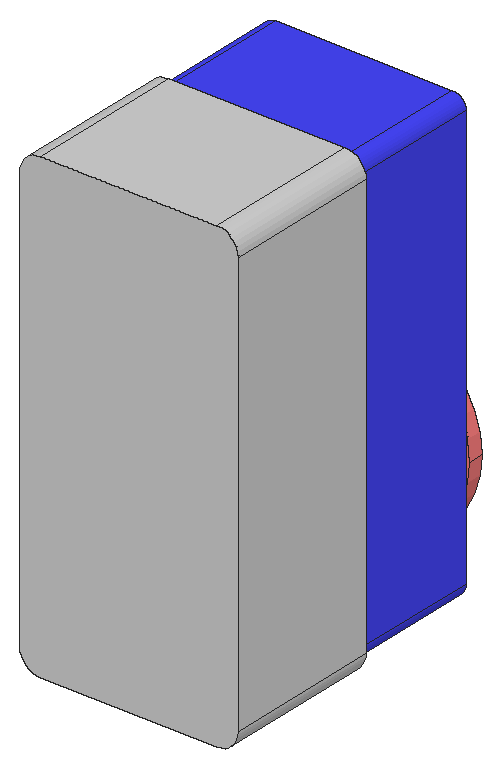
Revit family "Building-IEC309Connections-GEWISS-67IB-INTERLOCKED-SOCKET-OUTLETS_IP67_WITH_BOTTOM_FUS", category Apparecchi elettrici, host Muro, Revit 2016
Family settings
  Host = Muro
  Mantenere orientamento annotazione = Sì
  Tipo di parte = Normale
  Quota connettore circolare = Usa diametro
  Numero OmniClass = 23.80.50.14
  Titolo OmniClass = Plug Connectors
  Sempre verticale = Sì
  Taglio con vuoti quando caricato = No
  Condiviso = No
  Punto di calcolo locali = No
Parameters (values of type "GW66258N - 32A 3P+E 380V V.INT.SOCK.O.W.B.3H CBF")
  Working temperature = "-25 ÷ +40 °C"
  With back-mounting box = "Yes"
  Weight (kg) = "Max. 1.1 Kg"
  Weight = "Max. 1.1 Kg"
  Vista di pianta [instance] = yes
  Vetro = GEWISS - vetro
  Version file RFA = "18.0"
  URL = "https://www.gewiss.com/ww/en"
  Typology = "Vertical"
  Type of fuse = "Ø 10.3x38 mm"
  Tipo Simbolo = PRESAINDPFUS : 3P
  Thermo-pressure with ball = "125 °C (IB socket) - 80 °C (bottom)"
  Technical sheet = "https://www.gewiss.com/ww/en/search?q=GW66258N"
  Struttura frontale = GEWISS -BLU
  Struttura = GEWISS - Grigio RAL - 7035
  Simbolo [instance] = yes
  Shock resistance = "IK08"
  SEO = "Socket outlet"
  Reference h = "3"
  Realized by GEWISS S.p.A. = ""
  Rated voltage: = "380 - 440 V"
  Rated voltage = "380 - 440 V"
  Rated short-circuit current (Icc) = "10KA"
  Rated insulation voltage (Ui) = "500V"
  Rated impulse withstand voltage = "4KV"
  Rated frequency (Hz) = "50/60 Hz"
  Rated current (In) = "32"
  Rated current (A) = "32"
  Protection = "Fuse-holder base (CBF)"
  Produttore = "GEWISS S.p.A."
  Presa = GW - ROSSO
  Potenza = 400 V
  Operating temperature: = "-25 +40 °C"
  Numero poli = 3
  Number of poles = "3P+E"
  No. of poles = "3P+E"
  Modello = "GW66258N"
  Immagine tipo = GW66230N.jpg
  IP degree = "IP67"
  IFC.TypeObject = ""
  IFC.ExportType = ""
  IFC.ExportAs = ""
  IDT = "3a2f285e-e7b7-489c-a67e-4c14f132aefb"
  IDF = "f9d0bb66-5de6-40f3-bd54-3f6ca6852506"
  IB socket outlet rated current (In) = "28A"
  Glow wire test: = "850 °C (IB socket) - 650 °C (bottom)"
  Glow Wire Test = "850 °C (IB socket) - 650 °C (bottom)"
  Fuse breacking capacity = "> 50 kA"
  Frequency = "50/60 Hz"
  Electrocod = "2222"
  EAN code = "8011564741539"
  Distanza orizzontale del simbolo [instance] = 0 mm
  Distanza dal muro [instance] = 20 mm
  Descrizione = "32A 3P+E 380V V.INT.SOCK.O.W.B.3H CBF"
  Cornice simbolo [instance] = yes
  Colour: = "Red"
  Colour = "Red"
  Classificazione carico = Altro
  Catalogue Range = "67 IB"
  Catalogue = "BUILDING"
  Carico apparente = 0 VA
  COBie.Tagnumber = ""
  COBie.CreatedOn = ""
  COBie.CreatebBy = ""
  COBie.ComponentRegisterItemID = ""
  COBie.Component.TagNumber = ""
  COBie.Component.Space = ""
  COBie.Component.SerialNumber = ""
  COBie.Component.InstallationDate = ""
  COBie.Component.Description = ""
  COBie.Component.BarCode = ""
  Altezza da terra = 1111.728 mm
Reference planes
  plane 1 "Muro": y = 0
  plane 2 "Centro (Sinistra/Destra)": x = 125
  plane 3 "Indietro": y = 75
  plane 4: z = 1111.728
  plane 5: x = 125
  plane 6: y = 214.282
Lines and regions (mm)
  Masking region 1, visible <- "Vista di pianta"
    outline origin (0, 0, 0) x (1, 0, 0) y (0, 1, 0)
      loop
        line (73.5, 75) -> (176.5, 75) -> (176.5, 150) -> (73.5, 150) -> (73.5, 75)
      loop
        line (87.497, 213.282) -> (162.503, 213.282) -> (162.503, 217.112) -> (87.497, 217.112) -> (87.497, 213.282)
  Masking region 2, visible <- "Vista di pianta"
    outline origin (0, 86.291, 0) x (1, 0, 0) y (0, 1, 0)
      loop
        line (78.101, 137.709) -> (78.101, 130.821) -> (171.899, 130.821) -> (171.899, 137.709) -> (78.101, 137.709)
      loop
        line (77.116, 126.991) -> (77.116, 63.709) -> (172.884, 63.709) -> (172.884, 126.991) -> (77.116, 126.991)
  Masking region 3
    outline origin (125, 0, 0) x (0, 1, 0) y (0, 0, 1)
      loop
        line (75, 1331.728) -> (75, 1111.728) -> (160.511, 1111.728) -> (160.511, 1331.728) -> (75, 1331.728)
      loop
        line (224, 1308.059) -> (213.282, 1308.059) -> (213.282, 1246.398) -> (224, 1246.398) -> (224, 1308.059)
      loop
        line (224, 1218.2) -> (213.282, 1218.2) -> (213.282, 1123.835) -> (224, 1123.835) -> (224, 1218.2)
  Masking region 4
    outline origin (125, 0, 0) x (0, 1, 0) y (0, 0, 1)
      loop
        line (213.282, 1328.112) -> (160.511, 1328.112) -> (160.511, 1115.344) -> (213.282, 1115.344) -> (213.282, 1328.112)
Text (mm)
  text "Lato posizionamento" at (-1848.837, 1116.779, 0), in view "Livello rif."
  text "Lato posizionamento" at (0, 1409.804, 2854.306), in view "Sinistra"
  text "Lato posizionamento" at (0, 499.811, 2980.732), in view "Destra"
Dimensions and locks
  locked: plane 3 "Indietro" to host wall
  "Altezza da terra": level to plane 4
  "Distanza orizzontale del simbolo": plane 5 to plane 2 "Centro (Sinistra/Destra)"
  locked: plane 6 to nested 1 at 1
  aligned and locked: plane 1 "Muro" to host wall
  aligned and locked: plane 4 to nested 1
  aligned and locked: plane 5 to nested 2
  aligned and locked: nested 1 to plane 3 "Indietro"
  aligned and locked: plane 3 "Indietro" to nested 1
  aligned and locked: Masking region 3 to nested 1  (x4)
  aligned and locked: nested 1 to Masking region 4
  aligned and locked: plane 2 "Centro (Sinistra/Destra)" to nested 3
  aligned and locked: plane 4 to nested 3
  aligned and locked: Masking region 1 to nested 1
Automatic sketch dimensions
  Masking region 1 sketch curve to host wall = 0 mm
  Masking region 1 sketch curve to plane 2 "Centro (Sinistra/Destra)" = 51.5 mm
  Masking region 1 sketch curve to Masking region 1 sketch curve = 13.997 mm
  plane 2 "Centro (Sinistra/Destra)" to Masking region 1 sketch curve = 37.503 mm
  plane 2 "Centro (Sinistra/Destra)" to Masking region 1 sketch curve = 51.5 mm
  Masking region 1 sketch curve to Masking region 1 sketch curve = 75 mm
  Masking region 1 sketch curve to Masking region 1 sketch curve = 67.112 mm
  Masking region 1 sketch curve to Masking region 1 sketch curve = 3.83 mm
  Masking region 2 sketch curve to plane 2 "Centro (Sinistra/Destra)" = 47.884 mm
  Masking region 2 sketch curve to Masking region 2 sketch curve = 0.986 mm  (x2)
  plane 2 "Centro (Sinistra/Destra)" to Masking region 2 sketch curve = 46.899 mm
  host wall to Masking region 2 sketch curve = 75 mm
  Masking region 2 sketch curve to Masking region 2 sketch curve = 63.282 mm
  Masking region 2 sketch curve to Masking region 2 sketch curve = 3.83 mm
  Masking region 2 sketch curve to Masking region 2 sketch curve = 6.888 mm
  Masking region 3 sketch curve to host wall = 0 mm
  Masking region 3 sketch curve to plane 4 = 0 mm
  host wall to Masking region 3 sketch curve = 85.511 mm
  host wall to Masking region 3 sketch curve = 138.282 mm
  Masking region 3 sketch curve to Masking region 3 sketch curve = 52.771 mm
  Masking region 3 sketch curve to Masking region 3 sketch curve = 10.718 mm  (x2)
  plane 4 to Masking region 3 sketch curve = 12.107 mm
  Masking region 3 sketch curve to Masking region 3 sketch curve = 94.364 mm
  Masking region 3 sketch curve to Masking region 3 sketch curve = 28.198 mm
  Masking region 3 sketch curve to Masking region 3 sketch curve = 61.662 mm
  Masking region 3 sketch curve to Masking region 3 sketch curve = 23.669 mm
  host wall to Masking region 4 sketch curve = 85.511 mm
  plane 4 to Masking region 4 sketch curve = 3.616 mm
  Masking region 4 sketch curve to Masking region 4 sketch curve = 52.771 mm
  Masking region 4 sketch curve to Masking region 4 sketch curve = 212.768 mm
Nested families
  nested 1: "IB PRESE INTERBLOC VERT" at (125, 75, 524.845) x (-1, 0, 0) z (0, 0, 1), type "IB PRESE INTERBLOC VERT"
  nested 2: "PRESAINDPFUS" at (125, -124.999, 0), Distanza dal muro <- "Distanza dal muro", BORDO ACCESO <- "Cornice simbolo", SIMBOLO ACCESO <- "Simbolo", type <- "Tipo Simbolo", type "3P"
    with SIMBOLO ACCESO yes, Distanza dal muro 20 mm, BORDO ACCESO yes
  nested 3: "2D - IB PRESE INTERBLOC VERT + MAGNTERM IP67" at (125, 0, 1111.728) x (-1, 0, 0) z (0, -1, 0), type "BIDIMENSIONALE"
Connectors
  electrical at (125, 112.5, 1111.728), driven by "Numero poli", driven by "Classificazione carico", driven by "Potenza", driven by "Carico apparente"
    settings: on nested 1, index 1, voltage 400 V, apparent load 0 VA, apparent load phase1 0 VA, apparent load phase2 0 VA, apparent load phase3 0 VA, power factor 1, load classification "Altro", number of poles 3, system type 31, power factor state 1, is connector primary yes, connector utility no, sub classification motor no, connector description ""
Definition of nested family "IB PRESE INTERBLOC VERT"
  Parameters (values of type "IB PRESE INTERBLOC VERT")
    Vetro = none
    Struttura frontale = none
    Struttura = none
    Spessore = 30 mm
    Default Elevation = 14 mm
    Presa = none
    Lunghezza = 103 mm
    IFC.TypeObject = ""
    IFC.ExportType = ""
    IFC.ExportAs = ""
    H_da terra = 586.883 mm
    COBie.CreatedOn = ""
    COBie.CreatebBy = ""
    COBie.ComponentRegisterItemID = ""
    COBie.Component.TagNumber = ""
    COBie.Component.Space = ""
    COBie.Component.SerialNumber = ""
    COBie.Component.InstallationDate = ""
    COBie.Component.Description = ""
    COBie.Component.BarCode = ""
    Altezza = 220 mm
  Reference planes
    plane 1 "Centro (Fronte/Retro)": y = 0
    plane 2: z = 0
    plane 3 "Centro (Sinistra/Destra)": x = 0
    plane 4: y = -75
    plane 5: x = -51.5
    plane 6: x = 51.5
    plane 7: z = 586.883
    plane 8: z = 806.883
    plane 9: x = -47.884
    plane 10: x = 47.884
    plane 11: z = 803.267
    plane 12: z = 590.499
    plane 13: y = -138.282
    plane 14: y = -149
    plane 15: y = -142.112
    plane 16: y = -139.282
  Forms (mm)
    Extrusion 1, solid, material <- "Struttura"
      sketch origin (0, 0, 0) x (1, 0, 0) y (0, 0, 1)
        loop
          arc (-51.5, 596.883) -> (-48.571, 589.812) -> (-41.5, 586.883) r 10
          line (-41.5, 586.883) -> (41.5, 586.883)
          arc (41.5, 586.883) -> (48.571, 589.812) -> (51.5, 596.883) r 10
          line (51.5, 596.883) -> (51.5, 796.883)
          arc (51.5, 796.883) -> (48.571, 803.954) -> (41.5, 806.883) r 10
          line (41.5, 806.883) -> (-41.5, 806.883)
          arc (-41.5, 806.883) -> (-48.571, 803.954) -> (-51.5, 796.883) r 10
          line (-51.5, 796.883) -> (-51.5, 596.883)
      from 0 to 75
    Extrusion 2, solid, material <- "Struttura"
      sketch origin (0, 0, 0) x (1, 0, 0) y (0, 0, 1)
        loop
          line (-0.408, 691.748) -> (-29.506, 691.748)
          spline (-29.506, 691.748) -> (-30.55, 691.681) -> (-31.576, 691.48) -> (-32.567, 691.148) -> (-33.505, 690.693) -> (-34.375, 690.12) -> (-35.161, 689.441) -> (-35.851, 688.666) -> (-36.432, 687.809) -> (-36.895, 686.885) -> (-37.231, 685.909) -> (-37.435, 684.898) -> (-37.503, 683.87)
          line (-37.503, 683.87) -> (-37.503, 615.12)
          spline (-37.503, 615.12) -> (-37.435, 614.091) -> (-37.231, 613.081) -> (-36.895, 612.105) -> (-36.432, 611.18) -> (-35.851, 610.324) -> (-35.161, 609.549) -> (-34.375, 608.869) -> (-33.505, 608.297) -> (-32.567, 607.841) -> (-31.576, 607.51) -> (-30.55, 607.309) -> (-29.506, 607.241)
          line (-29.506, 607.241) -> (0, 607.241) -> (29.506, 607.241)
          spline (29.506, 607.241) -> (30.55, 607.309) -> (31.576, 607.51) -> (32.567, 607.841) -> (33.505, 608.297) -> (34.375, 608.869) -> (35.161, 609.549) -> (35.851, 610.324) -> (36.432, 611.18) -> (36.895, 612.105) -> (37.231, 613.081) -> (37.435, 614.091) -> (37.503, 615.12)
          line (37.503, 615.12) -> (37.503, 683.87)
          spline (37.503, 683.87) -> (37.435, 684.898) -> (37.231, 685.909) -> (36.895, 686.885) -> (36.432, 687.809) -> (35.851, 688.666) -> (35.161, 689.441) -> (34.375, 690.12) -> (33.505, 690.693) -> (32.567, 691.148) -> (31.576, 691.48) -> (30.55, 691.681) -> (29.506, 691.748)
          line (29.506, 691.748) -> (-0.408, 691.748)
      from 138.282 to 142.112
    Extrusion 3, solid, material <- "Presa"
      sketch origin (0, 0, 0) x (1, 0, 0) y (0, 0, 1)
        loop
          circle (0, 646.456) r 46.899
      from 142.112 to 149
    Extrusion 4, solid, material <- "Struttura"
      sketch origin (0, 0, 0) x (1, 0, 0) y (0, 0, 1)
        loop
          circle (0, 752.384) r 30.831
        loop
          circle (0, 752.384) r 26.483
      from 138.282 to 149
    Extrusion 5, solid, material <- "Struttura"
      sketch origin (0, 0, 0) x (1, 0, 0) y (0, 0, 1)
        loop
          arc (-9.552, 750.899) -> (-7.429, 739.645) -> (-7.314, 728.193) r 64.983
          arc (-7.314, 728.193) -> (-0.131, 727.067) -> (7.064, 728.115) r 24.316
          arc (7.064, 728.115) -> (7.302, 739.566) -> (9.547, 750.796) r 64.983
          arc (9.547, 750.796) -> (5.519, 762.425) -> (4.215, 774.661) r 54.251
          line (4.215, 774.661) -> (4.25, 777.658)
          arc (4.25, 777.658) -> (3.985, 778.329) -> (3.336, 778.647) r 1
          arc (3.336, 778.647) -> (0.147, 778.794) -> (-3.043, 778.682) r 39.364
          arc (-3.043, 778.682) -> (-3.695, 778.371) -> (-3.967, 777.702) r 1
          line (-3.967, 777.702) -> (-3.964, 774.706)
          arc (-3.964, 774.706) -> (-5.4, 762.483) -> (-9.552, 750.899) r 54.251
      from 138.282 to 149
    Extrusion 6, solid, material <- "Struttura frontale"
      sketch origin (0, 0, 0) x (1, 0, 0) y (0, 0, 1)
        loop
          arc (47.884, 796.962) -> (46.037, 801.42) -> (41.578, 803.267) r 6.306
          line (41.578, 803.267) -> (-41.578, 803.267)
          arc (-41.578, 803.267) -> (-46.037, 801.42) -> (-47.884, 796.962) r 6.306
          line (-47.884, 796.962) -> (-47.884, 597.014)
          arc (-47.884, 597.014) -> (-45.976, 592.407) -> (-41.369, 590.499) r 6.515
          line (-41.369, 590.499) -> (41.369, 590.499)
          arc (41.369, 590.499) -> (45.976, 592.407) -> (47.884, 597.014) r 6.515
          line (47.884, 597.014) -> (47.884, 796.962)
      from 75 to 138.282
    Extrusion 7, solid, material <- "Struttura frontale"
      sketch origin (-136.5, 0, 0) x (1, 0, 0) y (0, 0, 1)
        loop
          line (96.678, 714.247) -> (96.834, 703.741)
          spline (96.834, 703.741) -> (96.86, 703.42) -> (96.928, 703.104) -> (97.038, 702.799) -> (97.186, 702.511) -> (97.372, 702.243) -> (97.59, 702.001) -> (97.839, 701.789) -> (98.113, 701.611) -> (98.408, 701.468) -> (98.719, 701.365) -> (99.04, 701.302) -> (99.367, 701.281)
          line (99.367, 701.281) -> (113.634, 701.281)
          spline (113.634, 701.281) -> (113.96, 701.302) -> (114.282, 701.365) -> (114.592, 701.468) -> (114.888, 701.611) -> (115.162, 701.789) -> (115.41, 702.001) -> (115.629, 702.243) -> (115.814, 702.511) -> (115.963, 702.799) -> (116.072, 703.104) -> (116.141, 703.42) -> (116.167, 703.741)
          line (116.167, 703.741) -> (116.323, 714.247) -> (96.678, 714.247)
        loop
          line (156.678, 714.247) -> (156.834, 703.741)
          spline (156.834, 703.741) -> (156.86, 703.42) -> (156.928, 703.104) -> (157.038, 702.799) -> (157.186, 702.511) -> (157.372, 702.243) -> (157.59, 702.001) -> (157.839, 701.789) -> (158.113, 701.611) -> (158.408, 701.468) -> (158.719, 701.365) -> (159.04, 701.302) -> (159.367, 701.281)
          line (159.367, 701.281) -> (173.634, 701.281)
          spline (173.634, 701.281) -> (173.96, 701.302) -> (174.282, 701.365) -> (174.593, 701.468) -> (174.888, 701.611) -> (175.162, 701.789) -> (175.41, 702.001) -> (175.629, 702.243) -> (175.814, 702.511) -> (175.963, 702.799) -> (176.072, 703.104) -> (176.141, 703.42) -> (176.167, 703.741)
          line (176.167, 703.741) -> (176.323, 714.247) -> (156.678, 714.247)
      from 138.282 to 139.282
  Dimensions and locks
    "H_da terra": plane 7 to level
    "Altezza": plane 8 to plane 7
    equal spacing: plane 5, plane 3 "Centro (Sinistra/Destra)", plane 6
    "Lunghezza": plane 5 to plane 6
    locked: plane 8 to plane 11 at 3.616
    locked: plane 12 to plane 7 at 3.616
    locked: plane 5 to plane 9 at 3.616
    locked: plane 6 to plane 10 at 3.616
    locked: plane 4 to plane 14 at 74
    plane 14 to plane 1 "Centro (Fronte/Retro)" = 149 mm
    locked: plane 15 to plane 14 at 6.888
    locked: plane 13 to plane 14 at 10.718
    plane 4 to plane 1 "Centro (Fronte/Retro)" = 75 mm
    plane 5 to plane 6 = 103 mm
    locked: plane 16 to plane 13 at 1
    aligned and locked: level to plane 2
    aligned and locked: Extrusion 1 sketch curve to plane 5
    aligned and locked: Extrusion 1 sketch curve to plane 7
    aligned and locked: Extrusion 1 sketch curve to plane 6
    aligned and locked: Extrusion 1 sketch curve to plane 8
    aligned and locked: Extrusion 1 to plane 4
    aligned and locked: Extrusion 6 sketch curve to plane 10
    aligned and locked: Extrusion 6 sketch curve to plane 9
    aligned and locked: Extrusion 6 sketch curve to plane 12
    aligned and locked: Extrusion 6 sketch curve to plane 11
    aligned and locked: plane 4 to Extrusion 6
    aligned and locked: Extrusion 4 to Extrusion 6
    aligned and locked: Extrusion 4 to Extrusion 5  (x2)
    aligned and locked: Extrusion 4 to Extrusion 3
    aligned and locked: Extrusion 3 to Extrusion 2
    aligned and locked: plane 14 to Extrusion 4
    aligned and locked: plane 13 to Extrusion 6
    aligned and locked: plane 15 to Extrusion 3
    aligned and locked: Extrusion 4 to Extrusion 2
    aligned and locked: Extrusion 7 to Extrusion 2
    aligned and locked: plane 16 to Extrusion 7
  Automatic sketch dimensions
    Extrusion 1 sketch curve to plane 9 = 6.384 mm  (x2)
    Extrusion 1 sketch curve to plane 10 = 6.384 mm  (x2)
    Extrusion 2 sketch curve to plane 9 = 10.381 mm
    Extrusion 2 sketch curve to Extrusion 2 sketch curve = 7.997 mm  (x3)
    Extrusion 2 sketch curve to plane 10 = 18.378 mm  (x2)
    Extrusion 2 sketch curve to plane 12 = 16.742 mm
    Extrusion 2 sketch curve to Extrusion 2 sketch curve = 7.878 mm  (x3)
    Extrusion 2 sketch curve to Extrusion 2 sketch curve = 68.75 mm
    Extrusion 2 sketch curve to Extrusion 2 sketch curve = 0 mm
    Extrusion 2 sketch curve to Extrusion 2 sketch curve = 21.102 mm
    Extrusion 2 sketch curve to Extrusion 2 sketch curve = 21.51 mm
    Extrusion 3 sketch curve to plane 3 "Centro (Sinistra/Destra)" = 0 mm
    Extrusion 3 sketch curve to plane 12 = 55.957 mm
    Extrusion 4 sketch curve to Extrusion 4 sketch curve = 0 mm  (x2)
    Extrusion 4 sketch curve to plane 3 "Centro (Sinistra/Destra)" = 0 mm
    Extrusion 4 sketch curve to plane 11 = 50.884 mm
    plane 5 to Extrusion 5 sketch curve = 6.715 mm
    Extrusion 5 sketch curve to plane 3 "Centro (Sinistra/Destra)" = 3.967 mm
    Extrusion 5 sketch curve to Extrusion 5 sketch curve = 0.003 mm
    Extrusion 5 sketch curve to Extrusion 5 sketch curve = 1 mm  (x2)
    Extrusion 5 sketch curve to plane 3 "Centro (Sinistra/Destra)" = 0.064 mm
    plane 3 "Centro (Sinistra/Destra)" to Extrusion 5 sketch curve = 3.25 mm
    Extrusion 5 sketch curve to Extrusion 5 sketch curve = 0.965 mm
    plane 6 to Extrusion 5 sketch curve = 6.965 mm
    Extrusion 5 sketch curve to plane 11 = 29.014 mm
    Extrusion 5 sketch curve to plane 11 = 28.606 mm
    Extrusion 5 sketch curve to plane 11 = 28.387 mm
    Extrusion 5 sketch curve to Extrusion 5 sketch curve = 0.044 mm
    Extrusion 5 sketch curve to Extrusion 5 sketch curve = 2.99 mm
    Extrusion 5 sketch curve to Extrusion 5 sketch curve = 0.007 mm
    Extrusion 5 sketch curve to Extrusion 5 sketch curve = 2.979 mm
    Extrusion 5 sketch curve to Extrusion 5 sketch curve = 0.018 mm
    Extrusion 5 sketch curve to plane 3 "Centro (Sinistra/Destra)" = 9.552 mm
    Extrusion 5 sketch curve to Extrusion 5 sketch curve = 0.076 mm
    plane 3 "Centro (Sinistra/Destra)" to Extrusion 5 sketch curve = 9.547 mm
    Extrusion 5 sketch curve to plane 3 "Centro (Sinistra/Destra)" = 0 mm
    plane 5 to Extrusion 5 sketch curve = 20.598 mm
    plane 6 to Extrusion 5 sketch curve = 20.4 mm
    Extrusion 5 sketch curve to Extrusion 5 sketch curve = 0.587 mm
    Extrusion 5 sketch curve to plane 3 "Centro (Sinistra/Destra)" = 7.314 mm
    plane 3 "Centro (Sinistra/Destra)" to Extrusion 5 sketch curve = 7.064 mm
    Extrusion 5 sketch curve to Extrusion 5 sketch curve = 11.238 mm
    Extrusion 5 sketch curve to Extrusion 5 sketch curve = 11.315 mm
    Extrusion 6 sketch curve to plane 9 = 6.306 mm
    Extrusion 6 sketch curve to plane 9 = 6.515 mm
    Extrusion 6 sketch curve to Extrusion 6 sketch curve = 6.515 mm
    Extrusion 6 sketch curve to Extrusion 6 sketch curve = 6.306 mm
    Extrusion 7 sketch curve to plane 6 = 31.322 mm
    Extrusion 7 sketch curve to plane 11 = 89.02 mm
    Extrusion 7 sketch curve to Extrusion 7 sketch curve = 40.355 mm
    Extrusion 7 sketch curve to Extrusion 7 sketch curve = 19.645 mm  (x2)
    Extrusion 7 sketch curve to Extrusion 7 sketch curve = 0.156 mm  (x2)
    Extrusion 7 sketch curve to Extrusion 7 sketch curve = 10.506 mm  (x2)
    Extrusion 7 sketch curve to Extrusion 7 sketch curve = 0 mm  (x4)
    Extrusion 7 sketch curve to Extrusion 7 sketch curve = 2.533 mm  (x2)
    Extrusion 7 sketch curve to Extrusion 7 sketch curve = 0.03 mm  (x4)
    Extrusion 7 sketch curve to Extrusion 7 sketch curve = 0.137 mm  (x2)
    Extrusion 7 sketch curve to Extrusion 7 sketch curve = 2.46 mm  (x4)
    Extrusion 7 sketch curve to Extrusion 7 sketch curve = 2.689 mm
    Extrusion 7 sketch curve to Extrusion 7 sketch curve = 2.367 mm  (x3)
    Extrusion 7 sketch curve to Extrusion 7 sketch curve = 2.503 mm
    Extrusion 7 sketch curve to Extrusion 7 sketch curve = 11.93 mm
    Extrusion 7 sketch curve to Extrusion 7 sketch curve = 1.635 mm
    radius of Extrusion 3 sketch curve = 46.899 mm
    radius of Extrusion 4 sketch curve = 30.831 mm
    radius of Extrusion 4 sketch curve = 26.483 mm
Definition of nested family "PRESAINDPFUS"
  Parameters (values of type "2P")
    SIMBOLO ACCESO [instance] = yes
    SIMBOLO = PRESAINDPFUS_BASE : 2P
    Distanza dal muro [instance] = 0 mm
    BORDO ACCESO [instance] = yes
  Types (2, lengths in mm): name | SIMBOLO
    2P | PRESAINDPFUS_BASE : 2P
    3P | PRESAINDPFUS_BASE : 3P
  Reference planes
    plane 1: y = 0
    plane 2: x = 0
  Dimensions and locks
    "Distanza dal muro": plane 1 to nested 1
    aligned and locked: plane 2 to nested 1
  Nested families
    nested 1: "PRESAINDPFUS_BASE" at (0, 0, 0), type <- "SIMBOLO", CORNICE SIMBOLO <- "BORDO ACCESO", visible <- "SIMBOLO ACCESO", type "2P"
  Definition of nested family "PRESAINDPFUS_BASE"
    Parameters (values of type "3P")
      CORNICE SIMBOLO [instance] = yes
      3P = yes
    Types (2, lengths in mm): name | 3P
      3P | yes
      2P | no
    Reference planes
      plane 1: y = 0
      plane 2: x = 0
    Lines and regions (mm)
      detail lines, visible <- "CORNICE SIMBOLO"
        curve 1: line (-0.9, 2.3, 0) -> (0.9, 2.3, 0)
        curve 2: line (0.9, 2.3, 0) -> (0.9, 0, 0)
        curve 3: line (0.9, 0, 0) -> (-0.9, 0, 0)
        curve 4: line (-0.9, 0, 0) -> (-0.9, 2.3, 0)
      detail lines, not visible
        curve 5: line (-2.443, 10.208, 0) -> (2.057, 10.208, 0)
        curve 6: line (2.057, 10.208, 0) -> (2.057, 4.208, 0)
        curve 7: line (2.057, 4.208, 0) -> (-2.443, 4.208, 0)
        curve 8: line (-2.443, 4.208, 0) -> (-2.443, 10.208, 0)
        curve 9: line (-2.043, 9.808, 0) -> (1.657, 9.808, 0)
        curve 10: line (1.657, 9.808, 0) -> (1.657, 4.608, 0)
        curve 11: line (1.657, 4.608, 0) -> (-2.043, 4.608, 0)
        curve 12: line (-2.043, 4.608, 0) -> (-2.043, 9.808, 0)
      detail lines
        curve 13: line (-0.45, 0.969, 0) -> (-0.167, 0.969, 0)
        curve 14: line (-0.167, 0.969, 0) -> (0.33, 1.829, 0)
        curve 15: line (0.33, 1.829, 0) -> (0.836, 1.536, 0)
        curve 16: line (-0.167, 0.969, 0) -> (-0.45, 0.478, 0)
        curve 17: line (-0.45, 0.478, 0) -> (-0.45, 2.241, 0)
        curve 18: line (0.135, 1.491, 0) -> (0.641, 1.199, 0)
        curve 19: line (-0.84, 0.478, 0) -> (-0.06, 0.478, 0)
        curve 20: line (-0.45, 0.852, 0) -> (-0.333, 0.969, 0)
        curve 21: line (-0.45, 0.783, 0) -> (-0.264, 0.969, 0)
        curve 22: line (-0.45, 0.714, 0) -> (-0.195, 0.969, 0)
        curve 23: line (-0.45, 0.645, 0) -> (-0.223, 0.872, 0)
        curve 24: line (-0.45, 0.576, 0) -> (-0.317, 0.709, 0)
        curve 26: arc (-0.84, 0.089, 0) -> (-0.45, 0.478, 0) -> (-0.06, 0.089, 0) r 0.39
        curve 27: line (-0.608, 1.143, 0) -> (-0.608, 1.964, 0)
        curve 28: line (-0.608, 1.964, 0) -> (-0.292, 1.964, 0)
        curve 29: line (-0.292, 1.964, 0) -> (-0.292, 1.143, 0)
        curve 30: line (-0.292, 1.143, 0) -> (-0.608, 1.143, 0)
      detail lines, visible <- "3P"
        curve 25: line (-0.06, 1.154, 0) -> (0.446, 0.861, 0)
Definition of nested family "2D - IB PRESE INTERBLOC VERT + MAGNTERM IP67"
  Reference planes
    plane 1 "Centro (Fronte/Retro)": y = 0
    plane 2: z = 0
    plane 3 "Centro (Sinistra/Destra)": x = 0
  Lines and regions (mm)
    detail lines, in view "Livello rif."
      curve 1: arc (31.79, 16.467, 0) -> (37.855, 19.081, 0) -> (40.416, 25.169, 0) r 8.84
      curve 2: arc (-39.584, 25.264, 0) -> (-37.042, 19.129, 0) -> (-30.958, 16.467, 0) r 8.891
      curve 3: arc (29.624, 36.173, 0) -> (35.62, 46.763, 0) -> (37.68, 58.758, 0) r 35.439
      curve 4: arc (-37.103, 80.498, 0) -> (-36.563, 82.705, 0) -> (-36.335, 84.966, 0) r 16.378
      curve 5: spline (-36.848, 58.811, 0) -> (-36.032, 51.322, 0) -> (-33.68, 44.154, 0) -> (-29.891, 37.61, 0) -> (-24.826, 31.966, 0) -> (-18.697, 27.46, 0) -> (-11.763, 24.28, 0) -> (-4.316, 22.562, 0) -> (3.33, 22.377, 0) -> (10.854, 23.734, 0) -> (17.938, 26.575, 0) -> (24.284, 30.78, 0) -> (29.624, 36.173, 0)
      curve 6: spline (45.937, 53.06, 0) -> (46.651, 66.491, 0) -> (43.368, 79.546, 0) -> (36.37, 91.096, 0) -> (26.265, 100.143, 0) -> (13.924, 105.904, 0) -> (0.416, 107.881, 0) -> (-13.092, 105.904, 0) -> (-25.433, 100.143, 0) -> (-35.539, 91.096, 0) -> (-42.536, 79.546, 0) -> (-45.819, 66.491, 0) -> (-45.106, 53.06, 0)
      curve 7: line (-28.96, 96.503, 0) -> (-29.249, 95.828, 0)
      curve 8: spline (-44.59, 50.622, 0) -> (-44.573, 50.527, 0) -> (-44.556, 50.431, 0) -> (-44.538, 50.336, 0) -> (-44.521, 50.241, 0) -> (-44.503, 50.146, 0) -> (-44.485, 50.051, 0) -> (-44.466, 49.956, 0) -> (-44.448, 49.861, 0) -> (-44.429, 49.766, 0) -> (-44.41, 49.671, 0) -> (-44.391, 49.576, 0) -> (-44.371, 49.481, 0)
      curve 9: line (42.621, 80.022, 0) -> (42.803, 79.055, 0)
      curve 10: line (27.928, 97.5, 0) -> (27.468, 98.303, 0)
      curve 11: line (37.07, 82.265, 0) -> (40.776, 75.604, 0)
      curve 12: line (26.508, 93.14, 0) -> (21.198, 95.993, 0)
      curve 13: arc (21.198, 95.993, 0) -> (20.559, 96.541, 0) -> (19.915, 97.084, 0) r 106.706
      curve 14: line (5.249, 101.3, 0) -> (-2.461, 101.47, 0)
      curve 15: line (-17.305, 97.899, 0) -> (-24.068, 94.25, 0)
      curve 16: line (-24.068, 94.25, 0) -> (-28.938, 92.901, 0)
      curve 17: line (-17.722, 99.717, 0) -> (-17.305, 97.899, 0)
      curve 18: line (-2.461, 101.47, 0) -> (-7.495, 102.734, 0)
      curve 19: line (5.679, 103.114, 0) -> (5.249, 101.3, 0)
      curve 20: line (16.068, 100.691, 0) -> (19.915, 97.084, 0)
      curve 21: line (40.776, 75.604, 0) -> (42.358, 76.274, 0)
      curve 22: line (35.437, 87.32, 0) -> (37.07, 82.265, 0)
      curve 23: line (27.67, 94.534, 0) -> (26.508, 93.14, 0)
      curve 24: line (44.799, 60.984, 0) -> (44.48, 53.761, 0)
      curve 25: line (-43.111, 61.721, 0) -> (-43.968, 55.451, 0)
      curve 26: line (-43.968, 55.451, 0) -> (-44.596, 50.7, 0)
      curve 27: line (-39.426, 77.676, 0) -> (-42.481, 73.898, 0)
      curve 28: line (44.48, 53.761, 0) -> (45.453, 53.655, 0)
      curve 29: line (45.428, 66.124, 0) -> (44.799, 60.984, 0)
      curve 30: arc (-34.302, 71.981, 0) -> (-36.188, 65.526, 0) -> (-36.849, 58.833, 0) r 36.24
      curve 31: spline (18.149, 90.918, 0) -> (13.359, 93.054, 0) -> (8.311, 94.506, 0) -> (3.106, 95.243, 0) -> (-2.153, 95.251, 0) -> (-7.361, 94.531, 0) -> (-12.414, 93.096, 0) -> (-17.211, 90.975, 0) -> (-21.657, 88.21, 0) -> (-25.664, 84.856, 0) -> (-29.151, 80.98, 0) -> (-32.05, 76.66, 0) -> (-34.302, 71.981, 0)
      curve 32: spline (37.68, 58.65, 0) -> (37.531, 61.932, 0) -> (37.084, 65.187, 0) -> (36.343, 68.39, 0) -> (35.314, 71.515, 0) -> (34.006, 74.537, 0) -> (32.427, 77.431, 0) -> (30.593, 80.175, 0) -> (28.516, 82.747, 0) -> (26.214, 85.125, 0) -> (23.705, 87.291, 0) -> (21.01, 89.227, 0) -> (18.149, 90.918, 0)
      curve 33: arc (-44.359, 49.422, 0) -> (-43.174, 44.907, 0) -> (-41.524, 40.542, 0) r 44.548
      curve 34: arc (-34.609, 29.501, 0) -> (-30.932, 25.659, 0) -> (-26.83, 22.274, 0) r 45.428
      curve 35: arc (-15.273, 16.132, 0) -> (-10.13, 14.611, 0) -> (-4.846, 13.695, 0) r 46.267
      curve 36: arc (8.271, 14.065, 0) -> (13.496, 15.279, 0) -> (18.545, 17.09, 0) r 46.207
      curve 37: arc (29.739, 23.888, 0) -> (33.639, 27.507, 0) -> (37.089, 31.557, 0) r 45.308
      curve 38: line (37.992, 34.719, 0) -> (37.605, 33.997, 0)
      curve 39: arc (38.89, 36.181, 0) -> (38.438, 35.452, 0) -> (37.992, 34.719, 0) r 101.515
      curve 40: line (40.849, 39.459, 0) -> (38.89, 36.181, 0)
      curve 41: arc (43.345, 42.989, 0) -> (44.393, 46.185, 0) -> (45.197, 49.451, 0) r 44.515
      curve 42: arc (-20.629, 20.073, 0) -> (-19.989, 19.523, 0) -> (-19.343, 18.978, 0) r 101.494
      curve 43: line (3.226, 14.505, 0) -> (-4.112, 14.82, 0)
      curve 44: line (25.038, 21.743, 0) -> (18.528, 18.408, 0)
      curve 45: line (-25.536, 22.862, 0) -> (-20.629, 20.073, 0)
      curve 46: line (-40.005, 40.376, 0) -> (-36.616, 33.965, 0)
      curve 47: line (-41.524, 40.542, 0) -> (-40.005, 40.376, 0)
      curve 48: line (-26.83, 22.274, 0) -> (-25.536, 22.862, 0)
      curve 49: line (-34.609, 29.501, 0) -> (-36.616, 33.965, 0)
      curve 50: line (-15.273, 16.132, 0) -> (-19.343, 18.978, 0)
      curve 51: line (-4.846, 13.695, 0) -> (-4.112, 14.82, 0)
      curve 52: line (8.271, 14.065, 0) -> (3.226, 14.505, 0)
      curve 53: line (29.739, 23.888, 0) -> (25.038, 21.743, 0)
      curve 54: spline (19.149, 44.356, 0) -> (19.233, 44.364, 0) -> (19.315, 44.382, 0) -> (19.395, 44.41, 0) -> (19.47, 44.448, 0) -> (19.54, 44.496, 0) -> (19.603, 44.551, 0) -> (19.658, 44.614, 0) -> (19.705, 44.683, 0) -> (19.742, 44.757, 0) -> (19.769, 44.835, 0) -> (19.785, 44.916, 0) -> (19.791, 44.997, 0)
      curve 55: spline (-18.959, 44.997, 0) -> (-18.954, 44.916, 0) -> (-18.937, 44.835, 0) -> (-18.91, 44.757, 0) -> (-18.873, 44.683, 0) -> (-18.827, 44.614, 0) -> (-18.771, 44.551, 0) -> (-18.708, 44.496, 0) -> (-18.638, 44.448, 0) -> (-18.563, 44.41, 0) -> (-18.483, 44.382, 0) -> (-18.401, 44.364, 0) -> (-18.317, 44.356, 0)
      curve 56: spline (-18.317, 44.356, 0) -> (-15.217, 44.279, 0) -> (-12.105, 44.215, 0) -> (-8.983, 44.166, 0) -> (-5.854, 44.13, 0) -> (-2.72, 44.109, 0) -> (0.416, 44.102, 0) -> (3.552, 44.109, 0) -> (6.686, 44.13, 0) -> (9.815, 44.166, 0) -> (12.937, 44.215, 0) -> (16.049, 44.279, 0) -> (19.149, 44.356, 0)
      curve 57: arc (-18.319, 72.377, 0) -> (-18.773, 72.198, 0) -> (-18.958, 71.747, 0) r 0.623
      curve 58: arc (19.79, 71.747, 0) -> (19.597, 72.206, 0) -> (19.129, 72.376, 0) r 0.623
      curve 59: arc (-6.275, 72.155, 0) -> (6.428, 72.149, 0) -> (19.129, 72.376, 0) r 691.018
      curve 60: arc (-18.33, 72.377, 0) -> (-12.303, 72.24, 0) -> (-6.275, 72.155, 0) r 681.211
      curve 61: arc (-31.051, 111.472, 0) -> (-37.085, 108.973, 0) -> (-39.584, 102.939, 0) r 8.533
      curve 62: arc (40.416, 102.939, 0) -> (37.916, 108.973, 0) -> (31.882, 111.472, 0) r 8.533
      curve 63: line (5.679, 103.114, 0) -> (5.679, 106.15, 0)
      curve 64: line (5.679, 106.15, 0) -> (5.679, 107.586, 0)
      curve 65: line (-7.495, 102.734, 0) -> (-7.563, 105.762, 0)
      curve 66: line (-7.563, 105.762, 0) -> (-7.563, 107.201, 0)
      curve 67: line (27.468, 98.303, 0) -> (25.737, 100.486, 0)
      curve 68: line (16.068, 100.691, 0) -> (16.261, 103.686, 0)
      curve 69: line (16.261, 103.686, 0) -> (16.261, 105.137, 0)
      curve 70: line (-28.96, 96.503, 0) -> (-26.823, 99.189, 0)
      curve 71: line (-17.722, 99.717, 0) -> (-19.23, 103.587, 0)
      curve 72: line (-42.953, 76.617, 0) -> (-42.481, 73.898, 0)
      curve 73: line (-42.481, 73.898, 0) -> (-43.18, 77.916, 0)
      curve 74: line (-36.335, 84.966, 0) -> (-36.777, 87.751, 0)
      curve 75: line (-36.777, 87.751, 0) -> (-37.011, 89.226, 0)
      curve 76: line (42.645, 79.938, 0) -> (41.748, 83.006, 0)
      curve 77: line (35.437, 87.32, 0) -> (35.84, 90.157, 0)
      curve 78: line (35.84, 90.157, 0) -> (36.031, 91.501, 0)
      curve 79: line (43.345, 42.989, 0) -> (40.849, 39.459, 0)
      curve 80: line (18.528, 18.408, 0) -> (18.545, 17.09, 0)
      curve 81: line (-13.286, 105.845, 0) -> (-13.286, 111.508, 0)
      curve 82: line (14.123, 105.844, 0) -> (14.123, 111.508, 0)
      curve 83: line (-39.426, 77.676, 0) -> (-37.103, 80.498, 0)
      curve 84: line (-43.111, 61.721, 0) -> (-45.572, 68.548, 0)
      curve 85: line (40.416, 38.735, 0) -> (40.416, 25.169, 0)
      curve 86: line (-13.451, 111.508, 0) -> (14.282, 111.508, 0)
      curve 87: line (-39.584, 40.246, 0) -> (-39.584, 25.444, 0)
      curve 88: line (-15.82, 16.416, 0) -> (-30.958, 16.467, 0)
      curve 89: line (16.603, 16.315, 0) -> (31.79, 16.467, 0)
      curve 90: line (-29.249, 95.828, 0) -> (-28.938, 92.901, 0)
      curve 91: line (45.422, 66.202, 0) -> (45.927, 68.8, 0)
      curve 92: line (42.803, 79.055, 0) -> (42.358, 76.274, 0)
      curve 93: line (27.67, 94.534, 0) -> (27.928, 97.5, 0)
      curve 94: line (45.428, 66.124, 0) -> (45.932, 68.723, 0)
      curve 95: line (-44.359, 49.422, 0) -> (-45.106, 53.06, 0)
      curve 96: line (45.197, 49.451, 0) -> (45.937, 53.06, 0)
      curve 97: line (37.605, 33.997, 0) -> (37.164, 31.728, 0)
      curve 98: line (-18.959, 44.997, 0) -> (-18.959, 71.747, 0)
      curve 99: line (19.791, 71.747, 0) -> (19.791, 44.997, 0)
      curve 100: line (-39.584, 85.388, 0) -> (-39.584, 103.152, 0)
      curve 101: line (-31.051, 111.472, 0) -> (-13.451, 111.472, 0)
      curve 102: line (14.282, 111.472, 0) -> (31.882, 111.472, 0)
      curve 103: line (40.416, 103.152, 0) -> (40.416, 85.388, 0)
      curve 104: arc (40.376, 170.534, 0) -> (34.368, 186.534, 0) -> (22.337, 198.672, 0) r 40.825
      curve 105: arc (30.339, 169.034, 0) -> (36.107, 164.765, 0) -> (40.376, 170.534, 0) r 5.075
      curve 106: arc (-3.324, 198.5, 0) -> (-2.351, 196.149, 0) -> (0, 195.176, 0) r 3.324
      curve 107: arc (-1.524, 204.955, 0) -> (-2.839, 203.73, 0) -> (-3.324, 202, 0) r 3.324
      curve 108: arc (-0.026, 205.313, 0) -> (-0.795, 205.219, 0) -> (-1.524, 204.955, 0) r 3.44
      curve 109: arc (3.997, 194.914, 0) -> (2.003, 195.11, 0) -> (0, 195.176, 0) r 30.676
      curve 110: arc (15.41, 190.77, 0) -> (10.057, 193.248, 0) -> (4.326, 194.647, 0) r 30.456
      curve 111: arc (30.338, 169.037, 0) -> (25.516, 181.527, 0) -> (15.834, 190.773, 0) r 30.676
      curve 112: arc (22.334, 199.139, 0) -> (15.366, 202.743, 0) -> (7.84, 204.962, 0) r 41.215
      curve 113: arc (7.84, 204.962, 0) -> (6.003, 205.29, 0) -> (4.153, 205.531, 0) r 39.426
      curve 114: arc (3.823, 205.138, 0) -> (1.9, 205.27, 0) -> (-0.026, 205.313, 0) r 42.064
      curve 115: arc (26.001, 149.5, 0) -> (-0.323, 194.516, 0) -> (-25.672, 148.944, 0) r 30.018
      curve 116: spline (-25.673, 148.944, 0) -> (-24.97, 147.842, 0) -> (-24.218, 146.772, 0) -> (-23.418, 145.735, 0) -> (-22.571, 144.734, 0) -> (-21.679, 143.771, 0) -> (-20.743, 142.848, 0) -> (-19.766, 141.967, 0) -> (-18.75, 141.129, 0) -> (-17.697, 140.336, 0) -> (-16.608, 139.59, 0) -> (-15.486, 138.891, 0) -> (-14.333, 138.243, 0)
      curve 117: arc (-6.406, 141.043, 0) -> (-0.133, 140.184, 0) -> (6.149, 140.974, 0) r 24.316
      curve 118: spline (-7.138, 142.008, 0) -> (-7.132, 141.9, 0) -> (-7.115, 141.793, 0) -> (-7.086, 141.688, 0) -> (-7.046, 141.587, 0) -> (-6.996, 141.491, 0) -> (-6.935, 141.402, 0) -> (-6.865, 141.319, 0) -> (-6.786, 141.244, 0) -> (-6.7, 141.179, 0) -> (-6.607, 141.123, 0) -> (-6.509, 141.077, 0) -> (-6.406, 141.043, 0)
      curve 119: arc (6.149, 140.974, 0) -> (6.686, 141.328, 0) -> (6.896, 141.936, 0) r 1
      curve 120: arc (4.215, 187.778, 0) -> (5.478, 175.725, 0) -> (9.385, 164.252, 0) r 54.251
      curve 121: arc (-9.388, 164.353, 0) -> (-5.312, 175.978, 0) -> (-3.965, 188.223, 0) r 54.251
      curve 122: arc (9.441, 163.55, 0) -> (9.477, 163.906, 0) -> (9.385, 164.252, 0) r 1
      curve 123: arc (-9.155, 162.538, 0) -> (-9.301, 163.098, 0) -> (-9.452, 163.655, 0) r 64.101
      curve 124: arc (-7.117, 146.038, 0) -> (-7.606, 154.354, 0) -> (-9.155, 162.538, 0) r 64.983
      curve 125: arc (9.081, 162.244, 0) -> (7.483, 154.172, 0) -> (6.918, 145.963, 0) r 64.983
      curve 126: arc (9.441, 163.547, 0) -> (9.257, 162.897, 0) -> (9.081, 162.244, 0) r 64.101
      curve 127: arc (-9.387, 164.353, 0) -> (-9.483, 164.008, 0) -> (-9.451, 163.651, 0) r 1
      curve 128: spline (-19.162, 118.043, 0) -> (-19.162, 117.98, 0) -> (-19.16, 117.918, 0) -> (-19.158, 117.859, 0) -> (-19.154, 117.803, 0) -> (-19.15, 117.752, 0) -> (-19.146, 117.706, 0) -> (-19.141, 117.665, 0) -> (-19.135, 117.632, 0) -> (-19.129, 117.605, 0) -> (-19.122, 117.586, 0) -> (-19.116, 117.575, 0) -> (-19.109, 117.572, 0)
      curve 129: spline (-19.109, 117.572, 0) -> (-19.163, 117.57, 0) -> (-19.216, 117.561, 0) -> (-19.268, 117.547, 0) -> (-19.318, 117.527, 0) -> (-19.365, 117.503, 0) -> (-19.41, 117.473, 0) -> (-19.451, 117.438, 0) -> (-19.488, 117.4, 0) -> (-19.521, 117.357, 0) -> (-19.549, 117.311, 0) -> (-19.573, 117.263, 0) -> (-19.59, 117.212, 0)
      curve 130: spline (19.591, 117.212, 0) -> (19.573, 117.263, 0) -> (19.55, 117.311, 0) -> (19.522, 117.357, 0) -> (19.489, 117.4, 0) -> (19.452, 117.438, 0) -> (19.41, 117.473, 0) -> (19.366, 117.503, 0) -> (19.318, 117.527, 0) -> (19.268, 117.547, 0) -> (19.216, 117.561, 0) -> (19.163, 117.57, 0) -> (19.11, 117.572, 0)
      curve 131: spline (19.11, 117.572, 0) -> (19.117, 117.575, 0) -> (19.123, 117.587, 0) -> (19.13, 117.607, 0) -> (19.136, 117.634, 0) -> (19.142, 117.67, 0) -> (19.147, 117.711, 0) -> (19.152, 117.759, 0) -> (19.156, 117.813, 0) -> (19.159, 117.871, 0) -> (19.161, 117.932, 0) -> (19.163, 117.995, 0) -> (19.163, 118.06, 0)
      curve 132: spline (40.838, 118.042, 0) -> (40.838, 117.979, 0) -> (40.84, 117.917, 0) -> (40.843, 117.858, 0) -> (40.846, 117.803, 0) -> (40.85, 117.751, 0) -> (40.854, 117.705, 0) -> (40.859, 117.665, 0) -> (40.865, 117.632, 0) -> (40.871, 117.605, 0) -> (40.878, 117.586, 0) -> (40.884, 117.575, 0) -> (40.891, 117.572, 0)
      curve 133: spline (-40.89, 117.572, 0) -> (-40.883, 117.575, 0) -> (-40.877, 117.587, 0) -> (-40.87, 117.607, 0) -> (-40.864, 117.634, 0) -> (-40.858, 117.67, 0) -> (-40.853, 117.711, 0) -> (-40.848, 117.759, 0) -> (-40.844, 117.813, 0) -> (-40.841, 117.871, 0) -> (-40.839, 117.932, 0) -> (-40.837, 117.995, 0) -> (-40.837, 118.06, 0)
      curve 134: spline (-40.409, 117.212, 0) -> (-40.427, 117.263, 0) -> (-40.45, 117.311, 0) -> (-40.478, 117.357, 0) -> (-40.511, 117.4, 0) -> (-40.548, 117.438, 0) -> (-40.59, 117.473, 0) -> (-40.634, 117.503, 0) -> (-40.682, 117.527, 0) -> (-40.732, 117.547, 0) -> (-40.784, 117.561, 0) -> (-40.837, 117.57, 0) -> (-40.89, 117.572, 0)
      curve 135: spline (40.891, 117.572, 0) -> (40.837, 117.57, 0) -> (40.784, 117.561, 0) -> (40.732, 117.547, 0) -> (40.682, 117.527, 0) -> (40.635, 117.503, 0) -> (40.59, 117.473, 0) -> (40.549, 117.438, 0) -> (40.512, 117.4, 0) -> (40.479, 117.357, 0) -> (40.451, 117.311, 0) -> (40.427, 117.263, 0) -> (40.41, 117.212, 0)
      curve 136: circle (6.075, 127.892, 0) r 5.729 normal (0, 0, 1)
      curve 137: line (-3.325, 198.5, 0) -> (-3.325, 202, 0)
      curve 138: line (4.215, 187.778, 0) -> (4.25, 190.775, 0)
      curve 139: line (-3.965, 188.223, 0) -> (-3.965, 190.807, 0)
      curve 140: line (-7.117, 146.038, 0) -> (-7.138, 142.008, 0)
      curve 141: line (6.918, 145.963, 0) -> (6.896, 141.936, 0)
      curve 142: line (26.001, 149.5, 0) -> (25.248, 148.264, 0)
      curve 143: line (25.248, 148.264, 0) -> (24.433, 147.067, 0)
      curve 144: line (24.433, 147.067, 0) -> (23.56, 145.913, 0)
      curve 145: line (23.56, 145.913, 0) -> (22.631, 144.803, 0)
      curve 146: line (22.631, 144.803, 0) -> (21.648, 143.74, 0)
      curve 147: line (21.648, 143.74, 0) -> (20.614, 142.727, 0)
      curve 148: line (20.614, 142.727, 0) -> (19.532, 141.766, 0)
      curve 149: line (19.532, 141.766, 0) -> (18.403, 140.86, 0)
      curve 150: line (18.403, 140.86, 0) -> (17.232, 140.009, 0)
      curve 151: line (17.232, 140.009, 0) -> (16.022, 139.216, 0)
      curve 152: line (16.022, 139.216, 0) -> (14.774, 138.483, 0)
      curve 153: line (14.774, 138.483, 0) -> (13.499, 137.814, 0)
      curve 154: line (13.499, 137.814, 0) -> (12.193, 137.206, 0)
      curve 155: line (12.193, 137.206, 0) -> (10.86, 136.662, 0)
      curve 156: line (10.86, 136.662, 0) -> (9.503, 136.181, 0)
      curve 157: line (9.503, 136.181, 0) -> (8.124, 135.766, 0)
      curve 158: line (8.124, 135.766, 0) -> (6.728, 135.416, 0)
      curve 159: line (6.728, 135.416, 0) -> (5.316, 135.132, 0)
      curve 160: line (5.316, 135.132, 0) -> (3.892, 134.915, 0)
      curve 161: line (3.892, 134.915, 0) -> (2.46, 134.766, 0)
      curve 162: line (2.46, 134.766, 0) -> (1.023, 134.684, 0)
      curve 163: line (1.023, 134.684, 0) -> (-0.421, 134.67, 0)
      curve 164: line (-0.421, 134.67, 0) -> (-1.865, 134.724, 0)
      curve 165: line (-1.865, 134.724, 0) -> (-3.304, 134.846, 0)
      curve 166: line (-3.304, 134.846, 0) -> (-4.736, 135.036, 0)
      curve 167: line (-4.736, 135.036, 0) -> (-6.157, 135.293, 0)
      curve 168: line (-6.157, 135.293, 0) -> (-7.565, 135.617, 0)
      curve 169: line (-7.565, 135.617, 0) -> (-8.956, 136.008, 0)
      curve 170: line (-8.956, 136.008, 0) -> (-10.326, 136.464, 0)
      curve 171: line (-10.326, 136.464, 0) -> (-11.673, 136.985, 0)
      curve 172: line (-11.673, 136.985, 0) -> (-12.994, 137.57, 0)
      curve 173: line (-12.994, 137.57, 0) -> (-14.333, 138.243, 0)
      curve 174: line (19.163, 118.06, 0) -> (19.199, 131.971, 0)
      curve 175: line (19.199, 131.971, 0) -> (40.802, 131.971, 0)
      curve 176: line (40.802, 131.971, 0) -> (40.838, 118.042, 0)
      curve 177: line (-37.174, 113.721, 0) -> (-22.825, 113.721, 0)
      curve 178: line (-40.837, 118.06, 0) -> (-40.801, 131.971, 0)
      curve 179: line (-40.801, 131.971, 0) -> (-19.198, 131.971, 0)
      curve 180: line (-19.198, 131.971, 0) -> (-19.162, 118.043, 0)
      curve 181: arc (41.5, 0, 0) -> (48.571, 2.929, 0) -> (51.5, 10, 0) r 10
      curve 182: arc (51.5, 210, 0) -> (48.571, 217.071, 0) -> (41.5, 220, 0) r 10
      curve 183: arc (-51.5, 10, 0) -> (-48.571, 2.929, 0) -> (-41.5, 0, 0) r 10
      curve 184: arc (-41.5, 220, 0) -> (-48.571, 217.071, 0) -> (-51.5, 210, 0) r 10
      curve 185: arc (1, 200.6, 0) -> (0, 201.6, 0) -> (-1, 200.6, 0) r 1
      curve 186: arc (-1, 199.4, 0) -> (0, 198.4, 0) -> (1, 199.4, 0) r 1
      curve 187: arc (1.8, 200.6, 0) -> (0, 202.4, 0) -> (-1.8, 200.6, 0) r 1.8
      curve 188: arc (-1.8, 199.4, 0) -> (0, 197.6, 0) -> (1.8, 199.4, 0) r 1.8
      curve 189: arc (3.997, 194.914, 0) -> (4.159, 194.778, 0) -> (4.326, 194.647, 0) r 6.199
      curve 190: arc (15.41, 190.77, 0) -> (15.622, 190.768, 0) -> (15.834, 190.773, 0) r 6.199
      curve 191: arc (-0.782, 160.162, 0) -> (-1.357, 159.608, 0) -> (-1.572, 158.838, 0) r 1.52
      curve 192: arc (1.468, 158.821, 0) -> (0.88, 160.03, 0) -> (-0.435, 160.3, 0) r 1.52
      curve 193: arc (-1.636, 146.945, 0) -> (-0.122, 145.422, 0) -> (1.404, 146.934, 0) r 1.52
      curve 194: arc (-3.043, 191.798, 0) -> (-3.694, 191.488, 0) -> (-3.967, 190.821, 0) r 1
      curve 195: arc (3.336, 191.764, 0) -> (0.147, 191.911, 0) -> (-3.043, 191.798, 0) r 39.364
      curve 196: arc (4.25, 190.775, 0) -> (3.985, 191.446, 0) -> (3.336, 191.764, 0) r 1
      curve 197: arc (6, 121.392, 0) -> (12.5, 127.892, 0) -> (6, 134.392, 0) r 6.5
      curve 198: arc (-6, 134.392, 0) -> (-12.5, 127.892, 0) -> (-6, 121.392, 0) r 6.5
      curve 199: spline (19.725, 116.613, 0) -> (19.747, 116.336, 0) -> (19.796, 116.063, 0) -> (19.871, 115.794, 0) -> (19.972, 115.533, 0) -> (20.098, 115.281, 0) -> (20.247, 115.042, 0) -> (20.419, 114.817, 0) -> (20.612, 114.608, 0) -> (20.823, 114.417, 0) -> (21.052, 114.246, 0) -> (21.296, 114.096, 0) -> (21.553, 113.969, 0)
      curve 200: spline (38.448, 113.969, 0) -> (38.704, 114.096, 0) -> (38.948, 114.246, 0) -> (39.177, 114.417, 0) -> (39.389, 114.608, 0) -> (39.582, 114.817, 0) -> (39.753, 115.042, 0) -> (39.903, 115.281, 0) -> (40.029, 115.533, 0) -> (40.13, 115.794, 0) -> (40.205, 116.063, 0) -> (40.254, 116.336, 0) -> (40.276, 116.613, 0)
      curve 201: arc (21.553, 113.969, 0) -> (22.144, 113.783, 0) -> (22.76, 113.721, 0) r 3.009
      curve 202: arc (37.241, 113.721, 0) -> (37.857, 113.783, 0) -> (38.448, 113.969, 0) r 3.009
      curve 203: spline (-40.275, 116.613, 0) -> (-40.253, 116.336, 0) -> (-40.204, 116.063, 0) -> (-40.129, 115.794, 0) -> (-40.028, 115.533, 0) -> (-39.902, 115.281, 0) -> (-39.753, 115.042, 0) -> (-39.581, 114.817, 0) -> (-39.388, 114.608, 0) -> (-39.177, 114.417, 0) -> (-38.948, 114.246, 0) -> (-38.704, 114.096, 0) -> (-38.447, 113.969, 0)
      curve 204: arc (-38.447, 113.969, 0) -> (-37.856, 113.783, 0) -> (-37.24, 113.721, 0) r 3.009
      curve 205: arc (-22.759, 113.721, 0) -> (-22.143, 113.783, 0) -> (-21.552, 113.969, 0) r 3.009
      curve 206: spline (-21.552, 113.969, 0) -> (-21.296, 114.096, 0) -> (-21.052, 114.246, 0) -> (-20.823, 114.417, 0) -> (-20.611, 114.608, 0) -> (-20.418, 114.817, 0) -> (-20.247, 115.042, 0) -> (-20.097, 115.281, 0) -> (-19.971, 115.533, 0) -> (-19.87, 115.794, 0) -> (-19.795, 116.063, 0) -> (-19.746, 116.336, 0) -> (-19.724, 116.613, 0)
      curve 207: line (51.5, 10, 0) -> (51.5, 210, 0)
      curve 208: line (-51.5, 10, 0) -> (-51.5, 210, 0)
      curve 209: line (41.5, 220, 0) -> (-41.5, 220, 0)
      curve 210: line (22.419, 189.295, 0) -> (22.419, 194.095, 0)
      curve 211: line (22.419, 194.095, 0) -> (23.219, 194.095, 0)
      curve 212: line (23.219, 194.095, 0) -> (23.219, 189.295, 0)
      curve 213: line (23.219, 189.295, 0) -> (22.419, 189.295, 0)
      curve 214: line (1, 200.6, 0) -> (1, 199.4, 0)
      curve 215: line (-1, 199.4, 0) -> (-1, 200.6, 0)
      curve 216: line (1.8, 200.6, 0) -> (1.8, 199.4, 0)
      curve 217: line (-1.8, 199.4, 0) -> (-1.8, 200.6, 0)
      curve 218: line (41.5, 0, 0) -> (-41.5, 0, 0)
      curve 219: line (-1.59, 155.438, 0) -> (0.321, 155.427, 0)
      curve 220: line (0.321, 155.427, 0) -> (0.329, 156.857, 0)
      curve 221: line (0.329, 156.857, 0) -> (0.675, 156.855, 0)
      curve 222: line (0.675, 156.855, 0) -> (0.667, 155.425, 0)
      curve 223: line (0.667, 155.425, 0) -> (1.449, 155.421, 0)
      curve 224: line (1.449, 155.421, 0) -> (1.462, 157.708, 0)
      curve 225: line (1.462, 157.708, 0) -> (-0.449, 157.719, 0)
      curve 226: line (-0.449, 157.719, 0) -> (-0.457, 156.289, 0)
      curve 227: line (-0.457, 156.289, 0) -> (-0.803, 156.291, 0)
      curve 228: line (-0.803, 156.291, 0) -> (-0.795, 157.72, 0)
      curve 229: line (-0.795, 157.72, 0) -> (-1.578, 157.725, 0)
      curve 230: line (-1.578, 157.725, 0) -> (-1.59, 155.438, 0)
      curve 231: line (-0.435, 160.3, 0) -> (-0.443, 158.922, 0)
      curve 232: line (-0.443, 158.922, 0) -> (-0.789, 158.924, 0)
      curve 233: line (-0.789, 158.924, 0) -> (-0.782, 160.162, 0)
      curve 234: line (-1.572, 158.838, 0) -> (-1.576, 158.071, 0)
      curve 235: line (-1.576, 158.071, 0) -> (0.335, 158.06, 0)
      curve 236: line (0.335, 158.06, 0) -> (0.341, 159.264, 0)
      curve 237: line (0.341, 159.264, 0) -> (0.688, 159.262, 0)
      curve 238: line (0.688, 159.262, 0) -> (0.681, 158.059, 0)
      curve 239: line (0.681, 158.059, 0) -> (1.463, 158.054, 0)
      curve 240: line (1.463, 158.054, 0) -> (1.468, 158.822, 0)
      curve 241: line (-0.839, 149.641, 0) -> (-1.621, 149.645, 0)
      curve 242: line (-1.621, 149.645, 0) -> (-1.613, 151.156, 0)
      curve 243: line (-1.613, 151.156, 0) -> (0.109, 151.548, 0)
      curve 244: line (0.109, 151.548, 0) -> (-1.609, 151.902, 0)
      curve 245: line (-1.609, 151.902, 0) -> (-1.605, 152.707, 0)
      curve 246: line (-1.605, 152.707, 0) -> (0.014, 153.076, 0)
      curve 247: line (0.014, 153.076, 0) -> (-1.601, 153.408, 0)
      curve 248: line (-1.601, 153.408, 0) -> (-1.592, 155.092, 0)
      curve 249: line (-1.592, 155.092, 0) -> (-0.809, 155.087, 0)
      curve 250: line (-0.809, 155.087, 0) -> (-0.815, 154.045, 0)
      curve 251: line (-0.815, 154.045, 0) -> (1.439, 153.581, 0)
      curve 252: line (1.439, 153.581, 0) -> (1.435, 152.758, 0)
      curve 253: line (1.435, 152.758, 0) -> (-0.604, 152.294, 0)
      curve 254: line (-0.604, 152.294, 0) -> (1.43, 151.875, 0)
      curve 255: line (1.43, 151.875, 0) -> (1.426, 151.046, 0)
      curve 256: line (1.426, 151.046, 0) -> (-0.834, 150.531, 0)
      curve 257: line (-0.834, 150.531, 0) -> (-0.839, 149.641, 0)
      curve 258: line (0.632, 148.911, 0) -> (0.286, 148.913, 0)
      curve 259: line (0.286, 148.913, 0) -> (0.294, 150.342, 0)
      curve 260: line (0.294, 150.342, 0) -> (-0.489, 150.346, 0)
      curve 261: line (-0.489, 150.346, 0) -> (-0.497, 148.917, 0)
      curve 262: line (-0.497, 148.917, 0) -> (-0.843, 148.919, 0)
      curve 263: line (-0.843, 148.919, 0) -> (-0.841, 149.295, 0)
      curve 264: line (-0.841, 149.295, 0) -> (-1.623, 149.299, 0)
      curve 265: line (-1.623, 149.299, 0) -> (-1.63, 148.065, 0)
      curve 266: line (-1.63, 148.065, 0) -> (1.41, 148.049, 0)
      curve 267: line (1.41, 148.049, 0) -> (1.422, 150.336, 0)
      curve 268: line (1.422, 150.336, 0) -> (0.64, 150.34, 0)
      curve 269: line (0.64, 150.34, 0) -> (0.632, 148.911, 0)
      curve 270: line (-1.636, 146.945, 0) -> (-1.631, 147.719, 0)
      curve 271: line (-1.631, 147.719, 0) -> (-0.849, 147.715, 0)
      curve 272: line (-0.849, 147.715, 0) -> (-0.856, 146.511, 0)
      curve 273: line (-0.856, 146.511, 0) -> (0.619, 146.503, 0)
      curve 274: line (0.619, 146.503, 0) -> (0.621, 146.849, 0)
      curve 275: line (0.621, 146.849, 0) -> (-0.508, 146.855, 0)
      curve 276: line (-0.508, 146.855, 0) -> (-0.503, 147.713, 0)
      curve 277: line (-0.503, 147.713, 0) -> (1.408, 147.703, 0)
      curve 278: line (1.408, 147.703, 0) -> (1.404, 146.934, 0)
      curve 279: line (1.443, 154.293, 0) -> (1.447, 155.075, 0)
      curve 280: line (1.447, 155.075, 0) -> (-0.463, 155.086, 0)
      curve 281: line (-0.463, 155.086, 0) -> (-0.468, 154.303, 0)
      curve 282: line (-0.468, 154.303, 0) -> (1.443, 154.293, 0)
      curve 283: line (3.823, 205.138, 0) -> (3.938, 205.336, 0)
      curve 284: line (3.938, 205.336, 0) -> (4.08, 205.482, 0)
      curve 285: line (22.337, 198.672, 0) -> (22.366, 198.882, 0)
      curve 286: line (22.366, 198.882, 0) -> (22.343, 199.108, 0)
      curve 287: line (-6, 121.392, 0) -> (6, 121.392, 0)
      curve 288: line (-6, 134.392, 0) -> (6, 134.392, 0)
      curve 289: line (-19.724, 116.613, 0) -> (-19.707, 117.18, 0)
      curve 290: line (19.708, 117.18, 0) -> (19.725, 116.613, 0)
      curve 291: line (37.241, 113.721, 0) -> (22.76, 113.721, 0)
      curve 292: line (-40.275, 116.613, 0) -> (-40.292, 117.18, 0)
      curve 293: line (40.276, 116.613, 0) -> (40.293, 117.18, 0)
      curve 294: line (-22.759, 113.721, 0) -> (-37.24, 113.721, 0)
Types (23, lengths in mm): name | Weight (kg) | Weight | Tipo Simbolo | Technical sheet | Reference h | Rated voltage: | Rated voltage | Rated current (In) | Rated current (A) | Presa | Potenza | Numero poli | Number of poles | No. of poles | Modello | Immagine tipo | IDT | IB socket outlet rated current (In) | EAN code | Descrizione | Colour: | Colour
  GW66223N - 16A 2P+E 110V V.INT.SOCK.O.W.B.4H CBF | "Max. 1.0 Kg" | "Max. 1.0 Kg" | PRESAINDPFUS : 2P | "https://www.gewiss.com/ww/en/search?q=GW66223N" | "4" | "100 - 130 V" | "100 - 130 V" | "16" | "16" | GEWISS - GIALLO | 110 V | 2 | "2P+E" | "2P+E" | "GW66223N" | GW66224N.jpg | "fa4eed03-31d8-4e28-a64f-20b019a506a7" | "16A" | "8011564741331" | "16A 2P+E 110V V.INT.SOCK.O.W.B.4H CBF" | "Yellow" | "Yellow"
  GW66224N - 16A 3P+E 110V V.INT.SOCK.O.W.B.4H CBF | "Max. 1.0 Kg" | "Max. 1.0 Kg" | PRESAINDPFUS : 3P | "https://www.gewiss.com/ww/en/search?q=GW66224N" | "4" | "100 - 130 V" | "100 - 130 V" | "16" | "16" | GEWISS - GIALLO | 110 V | 3 | "3P+E" | "3P+E" | "GW66224N" | GW66224N.jpg | "0a564fa3-3cef-4da4-9551-f50528e316ea" | "16A" | "8011564741348" | "16A 3P+E 110V V.INT.SOCK.O.W.B.4H CBF" | "Yellow" | "Yellow"
  GW66225N - 16A 3P+N+E 110V V.INT.SOCK.O.W.B.4H CBF | "Max. 1.0 Kg" | "Max. 1.0 Kg" | PRESAINDPFUS : 3P | "https://www.gewiss.com/ww/en/search?q=GW66225N" | "4" | "100 - 130 V" | "100 - 130 V" | "16" | "16" | GEWISS - GIALLO | 110 V | 3 | "3P+N+E" | "3P+N+E" | "GW66225N" | GW66224N.jpg | "988cc2de-b53f-436f-a8c9-de4916e125bc" | "16A" | "8011564741355" | "16A 3P+N+E 110V V.INT.SOCK.O.W.B.4H CBF" | "Yellow" | "Yellow"
  GW66226N - 16A 2P+E 230V V.INT.SOCK.O.W.B.6H CBF | "Max. 1.0 Kg" | "Max. 1.0 Kg" | PRESAINDPFUS : 2P | "https://www.gewiss.com/ww/en/search?q=GW66226N" | "6" | "200 - 250 V" | "200 - 250 V" | "16" | "16" | GEWISS -BLU | 230 V | 2 | "2P+E" | "2P+E" | "GW66226N" | GW66227N.jpg | "b9aec1ad-43a6-46ee-b8b7-fce0cc6f14b6" | "16A" | "8011564741362" | "16A 2P+E 230V V.INT.SOCK.O.W.B.6H CBF" | "Blue" | "Blue"
